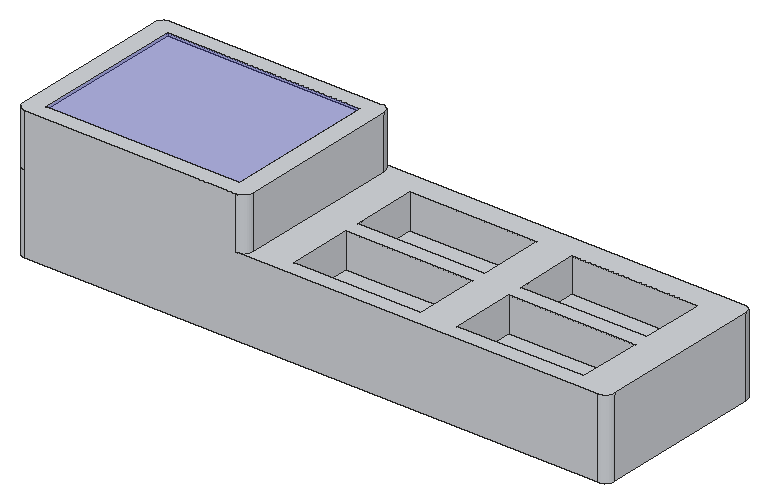
Revit family "Domotics-SerieCivili-GEWISS-27COMBIDIN_SYSTEM-IP40_8M_16SY", category Apparecchi elettrici, host Superficie, Revit 2016
Family settings
  Host = Superficie
  Mantenere orientamento annotazione = No
  Tipo di parte = Normale
  Quota connettore circolare = Usa diametro
  Taglio con vuoti quando caricato = No
  Condiviso = No
  Punto di calcolo locali = No
Parameters (values of type "GW27073 - Contenitore 8 mod. DIN + (4x4) mod. System")
  Viti coperchio = "Acciaio inox"
  Versione file RFA = "19.4"
  URL = "https://www.gewiss.com/it/it"
  Tipologia di contenitore = "GP"
  Tipo sfondabili = "Asportabili con utensile"
  Tipo portella = "Rigida"
  Termopressione con biglia = "70 °C"
  Tensione nominale: = "400 V ac"
  Tensione di isolamento = "750V"
  Temperatura di installazione = "-25 +60 °C"
  Scheda Tecnica = "https://www.gewiss.com/it/it/search?q=GW27073"
  SEO = "Contenitore"
  Resistenza agli urti = "IK07"
  Default Elevation = 1219.2 mm
  Profondità = 95 mm
  Produttore = "GEWISS S.p.A."
  Predisposizione scomparti = "2"
  Potenza dissipabile (W) = "18"
  Norma di riferimento: = "EN 60670-1 - EN 60670-24"
  Norma di riferimento = "EN 60669-2-1"
  N. moduli SYSTEM = "16"
  N. moduli DIN = "8"
  N. fori Ã˜ 23 sfondabili: = "Laterali 18 / Sul fondo 2"
  N. fori Ã˜ 23 sfondabili = "18"
  Modello = "GW27073"
  Larghezza = 429 mm
  Immagine tipo = GW27073.jpg
  IFC.TypeObject = ""
  IFC.ExportType = ""
  IFC.ExportAs = ""
  IDT = "6c31ff9f-37c3-42df-829d-006412dd97ed"
  IDF = "5fb17cb0-7a66-406c-ad17-01655aeb4927"
  Grado di protezione = "IP40"
  Glow Wire Test = "650°C"
  Dim. esterne BxHxP (mm) = "429x132x95"
  Descrizione = "CONTENITORE 8MOD.DIN+(4X4)MOD.SYSTEM PR."
  Creato da GEWISS S.p.A. = ""
  Corrente nominale (In) = "32A"
  Coppia serraggio viti = "0,8NM"
  Contatti di uscita = "1NA 16 A (AC1) 250 V ac"
  Configurazione = "Modulo 4 x 4"
  Colore portella = "Trasparente fume'"
  Colore = "Grigio RAL 7035"
  Codice Electrocod = "0212"
  Codice EAN = "8011564055469"
  Classe isolamento = "II"
  Catalogo Serie = "27COMBI"
  Catalogo = "DOMOTICS"
  Caratteristiche = "Halogen free"
  COBie.Tagnumber = ""
  COBie.CreatedOn = ""
  COBie.CreatebBy = ""
  COBie.ComponentRegisterItemID = ""
  COBie.Component.TagNumber = ""
  COBie.Component.Space = ""
  COBie.Component.SerialNumber = ""
  COBie.Component.InstallationDate = ""
  COBie.Component.Description = ""
  COBie.Component.BarCode = ""
  Altezza = 132 mm  # constant formula
Values of the unnamed type that differ from the named types
  Viti coperchio = ""
  Versione file RFA = ""
  Tipologia di contenitore = ""
  Tipo sfondabili = ""
  Tipo portella = ""
  Termopressione con biglia = ""
  Tensione nominale: = ""
  Tensione di isolamento = ""
  Temperatura di installazione = ""
  Scheda Tecnica = ""
  SEO = ""
  Resistenza agli urti = ""
  Predisposizione scomparti = ""
  Potenza dissipabile (W) = ""
  Norma di riferimento: = ""
  Norma di riferimento = ""
  N. moduli SYSTEM = ""
  N. moduli DIN = ""
  N. fori Ã˜ 23 sfondabili: = ""
  N. fori Ã˜ 23 sfondabili = ""
  IDT = ""
  IDF = ""
  Grado di protezione = ""
  Glow Wire Test = ""
  Dim. esterne BxHxP (mm) = ""
  Corrente nominale (In) = ""
  Coppia serraggio viti = ""
  Contatti di uscita = ""
  Configurazione = ""
  Colore portella = ""
  Colore = ""
  Codice Electrocod = ""
  Codice EAN = ""
  Classe isolamento = ""
  Catalogo Serie = ""
  Catalogo = ""
  Caratteristiche = ""
Reference planes
  plane 1 "Centro (Fronte/Retro)": y = 0
  plane 2: z = 0
  plane 3 "Centro (Sinistra/Destra)": x = 0
  plane 4 "Piano Allineamento Sportellino": z = 95
  plane 5: x = -2.56
  plane 6: z = 57.066
  plane 7: z = 32.066
  plane 8: z = 70
  plane 9: z = 93
  plane 10: x = 259.467
  plane 11: y = 66.019
  plane 12: y = -65.981
  plane 13: x = -169.533
  plane 14: x = -156.047
  plane 15: x = -155.047
  plane 16: x = -17.047
  plane 17: x = -16.047
  plane 18: y = 54.961
  plane 19: y = -53.961
  plane 20: y = -54.961
  plane 21: x = -16.047
  plane 22: x = -16.047
  plane 23: y = 53.961
  plane 24: x = 23.44
  plane 25: y = 2.72
  plane 26: y = -8.101
  plane 27: x = 115.44
  plane 28: x = 141.44
  plane 29: x = 233.44
Forms (mm)
  Extrusion 1, solid
    sketch origin (0, -451.03, 0) x (1, 0, 0) y (0, 1, 0)
      loop
        line (-9.56, 517.049) -> (-162.533, 517.049)
        arc (-162.533, 517.049) -> (-167.483, 514.999) -> (-169.533, 510.049) r 7
        line (-169.533, 510.049) -> (-169.533, 392.049)
        arc (-169.533, 392.049) -> (-167.483, 387.1) -> (-162.533, 385.049) r 7
        line (-162.533, 385.049) -> (-9.56, 385.049)
        arc (-9.56, 385.049) -> (-4.61, 387.1) -> (-2.56, 392.049) r 7
        line (-2.56, 392.049) -> (-2.56, 510.049)
        arc (-2.56, 510.049) -> (-4.61, 514.999) -> (-9.56, 517.049) r 7
    from 57.066 to 95
  Extrusion 2, solid
    sketch origin (0, 0, 0) x (1, 0, 0) y (0, 1, 0)
      loop
        line (-169.533, 59.019) -> (-169.533, -58.981)
        arc (-169.533, -58.981) -> (-167.483, -63.931) -> (-162.533, -65.981) r 7
        line (-162.533, -65.981) -> (252.467, -65.981)
        arc (252.467, -65.981) -> (257.417, -63.931) -> (259.467, -58.981) r 7
        line (259.467, -58.981) -> (259.467, 59.019)
        arc (259.467, 59.019) -> (257.417, 63.969) -> (252.467, 66.019) r 7
        line (252.467, 66.019) -> (-162.533, 66.019)
        arc (-162.533, 66.019) -> (-167.483, 63.969) -> (-169.533, 59.019) r 7
    from 0 to 57.066
  Extrusion 3, void
    sketch origin (4.989, -5.381, 0) x (1, 0, 0) y (0, 1, 0)
      loop
        line (110.451, -2.72) -> (18.451, -2.72) -> (18.451, -49.58) -> (110.451, -49.58) -> (110.451, -2.72)
    from 32.066 to 57.066
  Extrusion 4, void
    sketch origin (0, 0, 0) x (1, 0, 0) y (0, 1, 0)
      loop
        line (-155.047, 53.961) -> (-155.047, -53.961) -> (-17.047, -53.961) -> (-17.047, 53.961) -> (-155.047, 53.961)
    from 70 to 93
  Extrusion 5, void
    sketch origin (0, 0, 0) x (1, 0, 0) y (0, 1, 0)
      loop
        line (-16.047, 54.961) -> (-156.047, 54.961) -> (-156.047, -54.961) -> (-16.047, -54.961) -> (-16.047, 54.961)
    from 93 to 95
  Extrusion 6, solid, material "GEWISS Sportellino"
    sketch origin (0, 0, 0) x (1, 0, 0) y (0, 1, 0)
      loop
        line (-16.047, 54.961) -> (-156.047, 54.961) -> (-156.047, -54.961) -> (-16.047, -54.961) -> (-16.047, 54.961)
    from 93 to 95
  Extrusion 7, void
    sketch origin (154.989, -5.381, 0) x (1, 0, 0) y (0, 1, 0)
      loop
        line (78.278, -2.72) -> (-13.549, -2.72) -> (-13.549, -49.58) -> (78.278, -49.58) -> (78.278, -2.72)
    from 32.066 to 57.066
  Extrusion 8, void
    sketch origin (4.989, 52.299, 0) x (1, 0, 0) y (0, 1, 0)
      loop
        line (110.451, -2.72) -> (18.451, -2.72) -> (18.451, -49.58) -> (110.451, -49.58) -> (110.451, -2.72)
    from 32.066 to 57.066
  Extrusion 9, void
    sketch origin (154.989, 52.299, 0) x (1, 0, 0) y (0, 1, 0)
      loop
        line (78.278, -2.72) -> (-13.549, -2.72) -> (-13.549, -49.58) -> (78.278, -49.58) -> (78.278, -2.72)
    from 32.066 to 57.066
Cuts and joins
  Extrusion 5, Extrusion 7, Extrusion 8, Extrusion 9 cuts Extrusion 1
  Extrusion 3, Extrusion 4, Extrusion 7, Extrusion 8, Extrusion 9 cuts Extrusion 2
  joined: Extrusion 1, Extrusion 2
Lines and regions (mm)
  Filled region 1, type "GW27071Q.DXF-1", in view "Livello rif."
    outline origin (0, 0, 0) x (1, 0, 0) y (0, 1, 0)
      loop
        line (454.935, -29.653) -> (455.769, -34.653) -> (456.602, -29.653) -> (454.935, -29.653)
  Filled region 2, type "GW27071Q.DXF-1", in view "Livello rif."
    outline origin (0, 0, 0) x (1, 0, 0) y (0, 1, 0)
      loop
        line (454.935, 92.347) -> (456.602, 92.347) -> (455.769, 97.347) -> (454.935, 92.347)
  Filled region 3, type "GW27071Q.DXF-1", in view "Livello rif."
    outline origin (0, 0, 0) x (1, 0, 0) y (0, 1, 0)
      loop
        line (299.985, -59.146) -> (294.985, -59.979) -> (299.985, -60.812) -> (299.985, -59.146)
  Filled region 4, type "GW27071Q.DXF-1", in view "Livello rif."
    outline origin (0, 0, 0) x (1, 0, 0) y (0, 1, 0)
      loop
        line (421.985, -59.146) -> (421.985, -60.812) -> (426.985, -59.979) -> (421.985, -59.146)
  Filled region 5, type "GW27071Q.DXF-1", in view "Livello rif."
    outline origin (0, 0, 0) x (1, 0, 0) y (0, 1, 0)
      loop
        line (314.381, 113.489) -> (309.381, 112.656) -> (314.381, 111.823) -> (314.381, 113.489)
  Filled region 6, type "GW27071Q.DXF-1", in view "Livello rif."
    outline origin (0, 0, 0) x (1, 0, 0) y (0, 1, 0)
      loop
        line (339.381, 113.489) -> (339.381, 111.823) -> (344.381, 112.656) -> (339.381, 113.489)
  Filled region 7, type "GW27071Q.DXF-1", in view "Livello rif."
    outline origin (0, 0, 0) x (1, 0, 0) y (0, 1, 0)
      loop
        line (443.289, 75.924) -> (444.956, 75.924) -> (444.123, 80.924) -> (443.289, 75.924)
  Filled region 8, type "GW27071Q.DXF-1", in view "Livello rif."
    outline origin (0, 0, 0) x (1, 0, 0) y (0, 1, 0)
      loop
        line (443.289, -12.076) -> (444.123, -17.076) -> (444.956, -12.076) -> (443.289, -12.076)
  Filled region 9, type "GW27071Q.DXF-1", in view "Livello rif."
    outline origin (0, 0, 0) x (1, 0, 0) y (0, 1, 0)
      loop
        line (310.985, -49.734) -> (305.985, -50.567) -> (310.985, -51.4) -> (310.985, -49.734)
  Filled region 10, type "GW27071Q.DXF-1", in view "Livello rif."
    outline origin (0, 0, 0) x (1, 0, 0) y (0, 1, 0)
      loop
        line (410.985, -49.734) -> (410.985, -51.4) -> (415.985, -50.567) -> (410.985, -49.734)
  Filled region 11, type "GW27071Q.DXF-1", in view "Livello rif."
    outline origin (0, 0, 0) x (1, 0, 0) y (0, 1, 0)
      loop
        line (247.574, 133.277) -> (247.574, 131.611) -> (252.574, 132.444) -> (247.574, 133.277)
  Filled region 12, type "GW27071Q.DXF-1", in view "Livello rif."
    outline origin (0, 0, 0) x (1, 0, 0) y (0, 1, 0)
      loop
        line (34.505, 133.277) -> (29.505, 132.444) -> (34.505, 131.611) -> (34.505, 133.277)
  Filled region 13, type "GW27071Q.DXF-1", in view "Livello rif."
    outline origin (0, 0, 0) x (1, 0, 0) y (0, 1, 0)
      loop
        line (34.505, 116.721) -> (29.505, 115.888) -> (34.505, 115.054) -> (34.505, 116.721)
  Filled region 14, type "GW27071Q.DXF-1", in view "Livello rif."
    outline origin (0, 0, 0) x (1, 0, 0) y (0, 1, 0)
      loop
        line (54.505, 116.721) -> (54.505, 115.054) -> (59.505, 115.888) -> (54.505, 116.721)
  Filled region 15, type "GW27071Q.DXF-1", in view "Livello rif."
    outline origin (0, 0, 0) x (1, 0, 0) y (0, 1, 0)
      loop
        line (64.505, 116.721) -> (59.505, 115.888) -> (64.505, 115.054) -> (64.505, 116.721)
  Filled region 16, type "GW27071Q.DXF-1", in view "Livello rif."
    outline origin (0, 0, 0) x (1, 0, 0) y (0, 1, 0)
      loop
        line (247.574, 116.721) -> (247.574, 115.054) -> (252.574, 115.888) -> (247.574, 116.721)
  Filled region 17, type "GW27071Q.DXF-1", in view "Livello rif."
    outline origin (0, 0, 0) x (1, 0, 0) y (0, 1, 0)
      loop
        line (228.678, -62.533) -> (228.678, -64.2) -> (233.678, -63.366) -> (228.678, -62.533)
  Filled region 18, type "GW27071Q.DXF-1", in view "Livello rif."
    outline origin (0, 0, 0) x (1, 0, 0) y (0, 1, 0)
      loop
        line (35.009, -62.533) -> (30.009, -63.366) -> (35.009, -64.2) -> (35.009, -62.533)
  Filled region 19, type "GW27071Q.DXF-1", in view "Livello rif."
    outline origin (0, 0, 0) x (1, 0, 0) y (0, 1, 0)
      loop
        line (228.678, -45.003) -> (228.678, -46.67) -> (233.678, -45.836) -> (228.678, -45.003)
  Filled region 20, type "GW27071Q.DXF-1", in view "Livello rif."
    outline origin (0, 0, 0) x (1, 0, 0) y (0, 1, 0)
      loop
        line (59.209, -45.003) -> (54.209, -45.836) -> (59.209, -46.67) -> (59.209, -45.003)
  Filled region 21, type "GW27071Q.DXF-1", in view "Livello rif."
    outline origin (0, 0, 0) x (1, 0, 0) y (0, 1, 0)
      loop
        line (238.678, -44.823) -> (233.678, -45.656) -> (238.678, -46.49) -> (238.678, -44.823)
  Filled region 22, type "GW27071Q.DXF-1", in view "Livello rif."
    outline origin (0, 0, 0) x (1, 0, 0) y (0, 1, 0)
      loop
        line (246.278, -44.823) -> (246.278, -46.49) -> (251.278, -45.656) -> (246.278, -44.823)
  Filled region 23, type "GW27071Q.DXF-1", in view "Livello rif."
    outline origin (0, 0, 0) x (1, 0, 0) y (0, 1, 0)
      loop
        line (406.797, 109.74) -> (406.797, 108.073) -> (411.797, 108.907) -> (406.797, 109.74)
  Filled region 24, type "GW27071Q.DXF-1", in view "Livello rif."
    outline origin (0, 0, 0) x (1, 0, 0) y (0, 1, 0)
      loop
        line (370.797, 109.74) -> (365.797, 108.907) -> (370.797, 108.073) -> (370.797, 109.74)
  Filled region 25, type "GW27071Q.DXF-1", in view "Sinistra"
    outline origin (0, 0, 0) x (0, -1, 0) y (0, 0, 1)
      loop
        line (101.84, 5) -> (100.174, 5) -> (101.007, 0) -> (101.84, 5)
  Filled region 26, type "GW27071Q.DXF-1", in view "Sinistra"
    outline origin (0, 0, 0) x (0, -1, 0) y (0, 0, 1)
      loop
        line (101.84, 90) -> (101.007, 95) -> (100.174, 90) -> (101.84, 90)
  Filled region 27, type "GW27071Q.DXF-1", in view "Sinistra"
    outline origin (0, 0, 0) x (0, -1, 0) y (0, 0, 1)
      loop
        line (85.284, 90) -> (84.451, 95) -> (83.617, 90) -> (85.284, 90)
  Filled region 28, type "GW27071Q.DXF-1", in view "Sinistra"
    outline origin (0, 0, 0) x (0, -1, 0) y (0, 0, 1)
      loop
        line (85.284, 70) -> (83.617, 70) -> (84.451, 65) -> (85.284, 70)
  Filled region 29, type "GW27071Q.DXF-1", in view "Sinistra"
    outline origin (0, 0, 0) x (0, -1, 0) y (0, 0, 1)
      loop
        line (85.284, 60) -> (84.451, 65) -> (83.617, 60) -> (85.284, 60)
  Filled region 30, type "GW27071Q.DXF-1", in view "Sinistra"
    outline origin (0, 0, 0) x (0, -1, 0) y (0, 0, 1)
      loop
        line (85.284, 5) -> (83.617, 5) -> (84.451, 0) -> (85.284, 5)
  Filled region 31, type "GW27071Q.DXF-1", in view "Sinistra"
    outline origin (0, 0, 0) x (0, -1, 0) y (0, 0, 1)
      loop
        line (-93.97, 23.896) -> (-95.637, 23.896) -> (-94.803, 18.896) -> (-93.97, 23.896)
  Filled region 32, type "GW27071Q.DXF-1", in view "Sinistra"
    outline origin (0, 0, 0) x (0, -1, 0) y (0, 0, 1)
      loop
        line (-93.97, 89.496) -> (-94.803, 94.496) -> (-95.637, 89.496) -> (-93.97, 89.496)
  Filled region 33, type "GW27071Q.DXF-1", in view "Sinistra"
    outline origin (0, 0, 0) x (0, -1, 0) y (0, 0, 1)
      loop
        line (-76.44, 23.896) -> (-78.107, 23.896) -> (-77.273, 18.896) -> (-76.44, 23.896)
  Filled region 34, type "GW27071Q.DXF-1", in view "Sinistra"
    outline origin (0, 0, 0) x (0, -1, 0) y (0, 0, 1)
      loop
        line (-76.44, 65.296) -> (-77.273, 70.296) -> (-78.107, 65.296) -> (-76.44, 65.296)
  Filled region 35, type "GW27071Q.DXF-1", in view "Sinistra"
    outline origin (0, 0, 0) x (0, -1, 0) y (0, 0, 1)
      loop
        line (-76.26, 58.896) -> (-77.927, 58.896) -> (-77.093, 18.896) -> (-76.26, 58.896)
  Filled region 36, type "GW27071Q.DXF-1", in view "Sinistra"
    outline origin (0, 0, 0) x (0, -1, 0) y (0, 0, 1)
      loop
        line (-76.26, 51.296) -> (-77.927, 51.296) -> (-77.093, 1.296) -> (-76.26, 51.296)
  Filled region 37, type "GW27071Q.DXF-1", in view "Sinistra", not visible
    outline origin (0, 0, 0) x (0, -1, 0) y (0, 0, 1)
      loop
        line (295.687, 963.746) -> (295.687, 962.08) -> (300.687, 962.913) -> (295.687, 963.746)
  Filled region 38, type "GW27071Q.DXF-1", in view "Sinistra", not visible
    outline origin (0, 0, 0) x (0, -1, 0) y (0, 0, 1)
      loop
        line (210.687, 963.746) -> (205.687, 962.913) -> (210.687, 962.08) -> (210.687, 963.746)
  Filled region 39, type "GW27071Q.DXF-1", in view "Sinistra", not visible
    outline origin (0, 0, 0) x (0, -1, 0) y (0, 0, 1)
      loop
        line (210.687, 947.19) -> (205.687, 946.356) -> (210.687, 945.523) -> (210.687, 947.19)
  Filled region 40, type "GW27071Q.DXF-1", in view "Sinistra", not visible
    outline origin (0, 0, 0) x (0, -1, 0) y (0, 0, 1)
      loop
        line (230.687, 947.19) -> (230.687, 945.523) -> (235.687, 946.356) -> (230.687, 947.19)
  Filled region 41, type "GW27071Q.DXF-1", in view "Sinistra", not visible
    outline origin (0, 0, 0) x (0, -1, 0) y (0, 0, 1)
      loop
        line (240.687, 947.19) -> (235.687, 946.356) -> (240.687, 945.523) -> (240.687, 947.19)
  Filled region 42, type "GW27071Q.DXF-1", in view "Sinistra", not visible
    outline origin (0, 0, 0) x (0, -1, 0) y (0, 0, 1)
      loop
        line (295.687, 947.19) -> (295.687, 945.523) -> (300.687, 946.356) -> (295.687, 947.19)
  Filled region 43, type "GW27071Q.DXF-1", in view "Sinistra", not visible
    outline origin (0, 0, 0) x (0, -1, 0) y (0, 0, 1)
      loop
        line (276.791, 767.936) -> (276.791, 766.269) -> (281.791, 767.103) -> (276.791, 767.936)
  Filled region 44, type "GW27071Q.DXF-1", in view "Sinistra", not visible
    outline origin (0, 0, 0) x (0, -1, 0) y (0, 0, 1)
      loop
        line (211.191, 767.936) -> (206.191, 767.103) -> (211.191, 766.269) -> (211.191, 767.936)
  Filled region 45, type "GW27071Q.DXF-1", in view "Sinistra", not visible
    outline origin (0, 0, 0) x (0, -1, 0) y (0, 0, 1)
      loop
        line (276.791, 785.466) -> (276.791, 783.799) -> (281.791, 784.632) -> (276.791, 785.466)
  Filled region 46, type "GW27071Q.DXF-1", in view "Sinistra", not visible
    outline origin (0, 0, 0) x (0, -1, 0) y (0, 0, 1)
      loop
        line (235.391, 785.466) -> (230.391, 784.632) -> (235.391, 783.799) -> (235.391, 785.466)
  Filled region 47, type "GW27071Q.DXF-1", in view "Sinistra", not visible
    outline origin (0, 0, 0) x (0, -1, 0) y (0, 0, 1)
      loop
        line (286.791, 785.646) -> (281.791, 784.812) -> (286.791, 783.979) -> (286.791, 785.646)
  Filled region 48, type "GW27071Q.DXF-1", in view "Sinistra", not visible
    outline origin (0, 0, 0) x (0, -1, 0) y (0, 0, 1)
      loop
        line (294.391, 785.646) -> (294.391, 783.979) -> (299.391, 784.812) -> (294.391, 785.646)
  model lines, not visible
    curve 1: arc (276.741, -20.994, 0) -> (277.939, -18.365, 0) -> (277.918, -15.476, 0) r 6.7
    curve 2: arc (264.087, -16.92, 0) -> (264.693, -19.757, 0) -> (266.434, -22.078, 0) r 6.754
    curve 3: arc (268.608, -16.92, 0) -> (269.839, -19.067, 0) -> (272.314, -19.095, 0) r 2.493
    curve 4: arc (268.969, -24.605, 0) -> (271.825, -24.886, 0) -> (274.574, -24.062, 0) r 7.427
    curve 5: arc (276.741, -12.853, 0) -> (274.6, -10.93, 0) -> (271.859, -10.052, 0) r 6.874
    curve 6: arc (268.969, -10.326, 0) -> (266.449, -11.778, 0) -> (264.721, -14.118, 0) r 7.102
    curve 7: arc (273.578, -16.92, 0) -> (272.344, -14.78, 0) -> (269.874, -14.755, 0) r 2.491
    curve 8: arc (268.969, -24.605, 0) -> (271.82, -24.986, 0) -> (274.546, -24.065, 0) r 6.329
    curve 9: arc (272.314, 81.969, 0) -> (269.839, 81.941, 0) -> (268.608, 79.794, 0) r 2.493
    curve 10: arc (274.574, 86.936, 0) -> (271.825, 87.76, 0) -> (268.969, 87.479, 0) r 7.427
    curve 11: arc (274.546, 86.939, 0) -> (271.82, 87.86, 0) -> (268.969, 87.479, 0) r 6.329
    curve 12: arc (266.434, 84.952, 0) -> (264.693, 82.631, 0) -> (264.087, 79.794, 0) r 6.754
    curve 13: arc (264.721, 76.992, 0) -> (266.449, 74.652, 0) -> (268.969, 73.2, 0) r 7.102
    curve 14: arc (277.918, 78.35, 0) -> (277.939, 81.239, 0) -> (276.741, 83.868, 0) r 6.7
    curve 15: arc (269.874, 77.629, 0) -> (272.344, 77.654, 0) -> (273.578, 79.794, 0) r 2.491
    curve 16: arc (271.859, 72.926, 0) -> (274.6, 73.804, 0) -> (276.741, 75.727, 0) r 6.874
    curve 17: arc (159.373, -19.095, 0) -> (161.848, -19.067, 0) -> (163.079, -16.92, 0) r 2.493
    curve 18: arc (157.113, -24.062, 0) -> (159.862, -24.886, 0) -> (162.719, -24.605, 0) r 7.427
    curve 19: arc (157.142, -24.065, 0) -> (159.867, -24.986, 0) -> (162.719, -24.605, 0) r 6.329
    curve 20: arc (165.253, -22.078, 0) -> (166.994, -19.757, 0) -> (167.601, -16.92, 0) r 6.754
    curve 21: arc (166.966, -14.118, 0) -> (165.239, -11.778, 0) -> (162.719, -10.326, 0) r 7.102
    curve 22: arc (153.769, -15.476, 0) -> (153.748, -18.365, 0) -> (154.946, -20.994, 0) r 6.7
    curve 23: arc (161.813, -14.755, 0) -> (159.343, -14.78, 0) -> (158.11, -16.92, 0) r 2.491
    curve 24: arc (159.828, -10.052, 0) -> (157.087, -10.93, 0) -> (154.946, -12.853, 0) r 6.874
    curve 25: arc (154.946, 75.727, 0) -> (157.087, 73.804, 0) -> (159.828, 72.926, 0) r 6.874
    curve 26: arc (162.719, 73.2, 0) -> (165.239, 74.652, 0) -> (166.966, 76.992, 0) r 7.102
    curve 27: arc (162.719, 87.479, 0) -> (159.867, 87.86, 0) -> (157.142, 86.939, 0) r 6.329
    curve 28: arc (162.719, 87.479, 0) -> (159.862, 87.76, 0) -> (157.113, 86.936, 0) r 7.427
    curve 29: arc (163.079, 79.794, 0) -> (161.848, 81.941, 0) -> (159.373, 81.969, 0) r 2.493
    curve 30: arc (167.601, 79.794, 0) -> (166.994, 82.631, 0) -> (165.253, 84.952, 0) r 6.754
    curve 31: arc (158.11, 79.794, 0) -> (159.343, 77.654, 0) -> (161.813, 77.629, 0) r 2.491
    curve 32: arc (154.946, 83.868, 0) -> (153.748, 81.239, 0) -> (153.769, 78.35, 0) r 6.7
    curve 33: line (266.434, -22.078, 0) -> (264.087, -16.92, 0)
    curve 34: line (277.918, -15.476, 0) -> (276.741, -20.994, 0)
    curve 35: line (272.314, -19.095, 0) -> (268.608, -16.92, 0)
    curve 36: line (274.574, -24.062, 0) -> (268.969, -24.605, 0)
    curve 37: line (271.859, -10.052, 0) -> (276.741, -12.853, 0)
    curve 38: line (264.721, -14.118, 0) -> (268.969, -10.326, 0)
    curve 39: line (269.874, -14.755, 0) -> (273.578, -16.92, 0)
    curve 40: line (272.314, 81.969, 0) -> (268.608, 79.794, 0)
    curve 41: line (274.574, 86.936, 0) -> (268.969, 87.479, 0)
    curve 42: line (266.434, 84.952, 0) -> (264.087, 79.794, 0)
    curve 43: line (264.721, 76.992, 0) -> (268.969, 73.2, 0)
    curve 44: line (277.918, 78.35, 0) -> (276.741, 83.868, 0)
    curve 45: line (269.874, 77.629, 0) -> (273.578, 79.794, 0)
    curve 46: line (271.859, 72.926, 0) -> (276.741, 75.727, 0)
    curve 47: line (159.373, -19.095, 0) -> (163.079, -16.92, 0)
    curve 48: line (157.113, -24.062, 0) -> (162.719, -24.605, 0)
    curve 49: line (165.253, -22.078, 0) -> (167.601, -16.92, 0)
    curve 50: line (166.966, -14.118, 0) -> (162.719, -10.326, 0)
    curve 51: line (153.769, -15.476, 0) -> (154.946, -20.994, 0)
    curve 52: line (161.813, -14.755, 0) -> (158.11, -16.92, 0)
    curve 53: line (159.828, -10.052, 0) -> (154.946, -12.853, 0)
    curve 54: line (159.828, 72.926, 0) -> (154.946, 75.727, 0)
    curve 55: line (166.966, 76.992, 0) -> (162.719, 73.2, 0)
    curve 56: line (157.142, 86.939, 0) -> (162.719, 87.479, 0)
    curve 57: line (159.373, 81.969, 0) -> (163.079, 79.794, 0)
    curve 58: line (165.253, 84.952, 0) -> (167.601, 79.794, 0)
    curve 59: line (161.813, 77.629, 0) -> (158.11, 79.794, 0)
    curve 60: line (153.769, 78.35, 0) -> (154.946, 83.868, 0)
    curve 61: line (202.275, 95.384, 0) -> (202.275, 85.351, 0)
    curve 62: line (207.021, 90.368, 0) -> (197.53, 90.368, 0)
    curve 63: line (202.275, -32.51, 0) -> (202.275, -22.477, 0)
    curve 64: line (207.021, -27.493, 0) -> (197.53, -27.493, 0)
    curve 65: line (275.615, -32.51, 0) -> (275.615, -22.477, 0)
    curve 66: line (280.356, -27.498, 0) -> (270.845, -27.498, 0)
    curve 67: line (275.615, 95.384, 0) -> (275.615, 85.351, 0)
    curve 68: line (280.356, 90.372, 0) -> (270.865, 90.372, 0)
    curve 69: line (156.072, -32.51, 0) -> (156.072, -22.477, 0)
    curve 70: line (151.331, -27.498, 0) -> (160.845, -27.498, 0)
    curve 71: line (156.072, 95.384, 0) -> (156.072, 85.351, 0)
    curve 72: line (151.331, 90.372, 0) -> (160.822, 90.372, 0)
    curve 73: line (289.744, 31.437, 0) -> (142.831, 31.437, 0)
    curve 74: arc (156.804, 97.456, 0) -> (151.809, 95.377, 0) -> (149.765, 90.368, 0) r 7.039
    curve 75: arc (195.602, -22.524, 0) -> (181.766, -8.688, 0) -> (167.931, -22.524, 0) r 13.836
    curve 76: arc (196.241, -22.524, 0) -> (198.363, -21.645, 0) -> (199.241, -19.524, 0) r 3
    curve 77: arc (199.241, 82.398, 0) -> (198.363, 84.519, 0) -> (196.241, 85.398, 0) r 3
    curve 78: circle (202.275, 90.368, 0) r 2.983 normal (0, 0, 1)
    curve 79: circle (202.275, -27.493, 0) r 2.983 normal (0, 0, 1)
    curve 80: arc (213.717, 90.368, 0) -> (211.673, 95.377, 0) -> (206.678, 97.456, 0) r 7.039
    curve 81: arc (149.765, -27.493, 0) -> (151.559, -32.237, 0) -> (156.075, -34.544, 0) r 7.039
    curve 82: arc (206.678, -34.582, 0) -> (211.673, -32.503, 0) -> (213.717, -27.493, 0) r 7.039
    curve 83: arc (281.922, 90.368, 0) -> (279.878, 95.377, 0) -> (274.883, 97.456, 0) r 7.039
    curve 84: arc (274.883, -34.582, 0) -> (279.878, -32.503, 0) -> (281.922, -27.493, 0) r 7.039
    curve 85: arc (222.657, 27.687, 0) -> (221.243, 27.101, 0) -> (220.657, 25.687, 0) r 2
    curve 86: arc (266.657, 25.687, 0) -> (266.072, 27.101, 0) -> (264.657, 27.687, 0) r 2
    curve 87: arc (266.657, 22.687, 0) -> (266.072, 24.101, 0) -> (264.657, 24.687, 0) r 2
    curve 88: arc (264.657, -20.313, 0) -> (266.072, -19.727, 0) -> (266.657, -18.313, 0) r 2
    curve 89: arc (220.657, -18.313, 0) -> (221.243, -19.727, 0) -> (222.657, -20.313, 0) r 2
    curve 90: arc (244.109, -18.327, 0) -> (244.648, -19.498, 0) -> (245.647, -20.313, 0) r 2.858
    curve 91: arc (241.574, -20.313, 0) -> (242.573, -19.498, 0) -> (243.112, -18.327, 0) r 2.858
    curve 92: arc (222.657, 24.687, 0) -> (221.243, 24.101, 0) -> (220.657, 22.687, 0) r 2
    curve 93: arc (243.112, 22.701, 0) -> (242.573, 23.872, 0) -> (241.574, 24.687, 0) r 2.858
    curve 94: arc (245.647, 24.687, 0) -> (244.648, 23.872, 0) -> (244.109, 22.701, 0) r 2.858
    curve 95: arc (220.657, 37.187, 0) -> (221.243, 35.773, 0) -> (222.657, 35.187, 0) r 2
    curve 96: arc (222.657, 80.187, 0) -> (221.243, 79.601, 0) -> (220.657, 78.187, 0) r 2
    curve 97: arc (222.657, 83.187, 0) -> (221.243, 82.601, 0) -> (220.657, 81.187, 0) r 2
    curve 98: circle (275.611, -27.498, 0) r 2.983 normal (0, 0, 1)
    curve 99: circle (275.611, 90.372, 0) r 2.983 normal (0, 0, 1)
    curve 100: arc (241.574, 35.187, 0) -> (242.573, 36.002, 0) -> (243.112, 37.173, 0) r 2.858
    curve 101: arc (244.109, 37.173, 0) -> (244.648, 36.002, 0) -> (245.647, 35.187, 0) r 2.858
    curve 102: arc (245.647, 80.187, 0) -> (244.648, 79.372, 0) -> (244.109, 78.201, 0) r 2.858
    curve 103: arc (243.112, 78.201, 0) -> (242.573, 79.372, 0) -> (241.574, 80.187, 0) r 2.858
    curve 104: arc (264.657, 35.187, 0) -> (266.072, 35.773, 0) -> (266.657, 37.187, 0) r 2
    curve 105: arc (266.657, 78.187, 0) -> (266.072, 79.601, 0) -> (264.657, 80.187, 0) r 2
    curve 106: arc (266.657, 81.187, 0) -> (266.072, 82.601, 0) -> (264.657, 83.187, 0) r 2
    curve 107: circle (156.077, -27.498, 0) r 2.983 normal (0, 0, 1)
    curve 108: arc (164.241, -19.524, 0) -> (165.12, -21.645, 0) -> (167.241, -22.524, 0) r 3
    curve 109: circle (156.077, 90.372, 0) r 2.983 normal (0, 0, 1)
    curve 110: arc (167.241, 85.398, 0) -> (165.12, 84.519, 0) -> (164.241, 82.398, 0) r 3
    curve 111: line (281.845, -27.493, 0) -> (281.845, 90.368, 0)
    curve 112: line (275.613, -34.544, 0) -> (156.075, -34.544, 0)
    curve 113: line (149.755, 90.368, 0) -> (149.755, -27.493, 0)
    curve 114: line (213.728, 90.368, 0) -> (213.728, -27.493, 0)
    curve 115: line (196.241, -22.524, 0) -> (167.241, -22.524, 0)
    curve 116: line (167.241, 85.398, 0) -> (196.241, 85.398, 0)
    curve 117: line (164.241, -19.524, 0) -> (164.241, 82.398, 0)
    curve 118: line (188.195, -2.552, 0) -> (193.792, -2.552, 0)
    curve 119: line (188.195, 8.478, 0) -> (193.792, 8.478, 0)
    curve 120: line (199.241, -19.524, 0) -> (199.241, 82.398, 0)
    curve 121: line (164.241, 65.427, 0) -> (199.241, 65.427, 0)
    curve 122: line (164.241, 54.396, 0) -> (199.241, 54.396, 0)
    curve 123: line (164.241, 8.478, 0) -> (199.241, 8.478, 0)
    curve 124: line (164.241, -2.552, 0) -> (199.241, -2.552, 0)
    curve 125: line (164.241, -15.562, 0) -> (199.241, -15.562, 0)
    curve 126: line (200.141, 92.451, 0) -> (204.41, 88.284, 0)
    curve 127: line (200.141, -29.577, 0) -> (204.41, -25.41, 0)
    curve 128: line (274.883, 97.456, 0) -> (156.804, 97.456, 0)
    curve 129: line (220.657, -18.313, 0) -> (220.657, 24.687, 0)
    curve 130: line (220.657, 24.687, 0) -> (220.657, 25.687, 0)
    curve 131: line (266.657, 25.687, 0) -> (266.657, -18.313, 0)
    curve 132: line (225.668, -20.313, 0) -> (225.668, -18.327, 0)
    curve 133: line (225.668, -18.327, 0) -> (239.681, -18.327, 0)
    curve 134: line (239.681, -18.327, 0) -> (239.681, -20.313, 0)
    curve 135: line (264.657, -20.313, 0) -> (222.657, -20.313, 0)
    curve 136: line (247.634, -20.313, 0) -> (247.634, -18.327, 0)
    curve 137: line (247.634, -18.327, 0) -> (261.647, -18.327, 0)
    curve 138: line (261.647, -18.327, 0) -> (261.647, -20.313, 0)
    curve 139: line (243.112, -18.327, 0) -> (244.109, -18.327, 0)
    curve 140: line (244.109, -18.327, 0) -> (243.112, -18.327, 0)
    curve 141: line (225.668, 24.687, 0) -> (225.668, 22.701, 0)
    curve 142: line (225.668, 22.701, 0) -> (239.681, 22.701, 0)
    curve 143: line (239.681, 22.701, 0) -> (239.681, 24.687, 0)
    curve 144: line (222.657, 24.687, 0) -> (264.657, 24.687, 0)
    curve 145: line (247.634, 24.687, 0) -> (247.634, 22.701, 0)
    curve 146: line (247.634, 22.701, 0) -> (261.647, 22.701, 0)
    curve 147: line (261.647, 22.701, 0) -> (261.647, 24.687, 0)
    curve 148: line (243.112, 22.701, 0) -> (244.109, 22.701, 0)
    curve 149: line (244.109, 22.701, 0) -> (243.112, 22.701, 0)
    curve 150: line (220.657, 37.187, 0) -> (220.657, 80.187, 0)
    curve 151: line (220.657, 80.187, 0) -> (220.657, 81.187, 0)
    curve 152: line (222.657, 27.687, 0) -> (264.657, 27.687, 0)
    curve 153: line (222.657, 35.187, 0) -> (264.657, 35.187, 0)
    curve 154: line (264.657, 35.187, 0) -> (222.657, 35.187, 0)
    curve 155: line (264.657, 80.187, 0) -> (222.657, 80.187, 0)
    curve 156: line (222.657, 80.187, 0) -> (264.657, 80.187, 0)
    curve 157: line (273.476, -29.582, 0) -> (277.745, -25.414, 0)
    curve 158: line (273.476, 92.456, 0) -> (277.745, 88.288, 0)
    curve 159: line (247.634, 80.187, 0) -> (247.634, 78.201, 0)
    curve 160: line (247.634, 78.201, 0) -> (261.647, 78.201, 0)
    curve 161: line (261.647, 78.201, 0) -> (261.647, 80.187, 0)
    curve 162: line (222.657, 83.187, 0) -> (264.657, 83.187, 0)
    curve 163: line (247.634, 35.187, 0) -> (247.634, 37.173, 0)
    curve 164: line (247.634, 37.173, 0) -> (261.647, 37.173, 0)
    curve 165: line (261.647, 37.173, 0) -> (261.647, 35.187, 0)
    curve 166: line (225.668, 35.187, 0) -> (225.668, 37.173, 0)
    curve 167: line (225.668, 37.173, 0) -> (239.681, 37.173, 0)
    curve 168: line (239.681, 37.173, 0) -> (239.681, 35.187, 0)
    curve 169: line (244.109, 37.173, 0) -> (243.112, 37.173, 0)
    curve 170: line (243.112, 37.173, 0) -> (244.109, 37.173, 0)
    curve 171: line (225.668, 80.187, 0) -> (225.668, 78.201, 0)
    curve 172: line (225.668, 78.201, 0) -> (239.681, 78.201, 0)
    curve 173: line (239.681, 78.201, 0) -> (239.681, 80.187, 0)
    curve 174: line (244.109, 78.201, 0) -> (243.112, 78.201, 0)
    curve 175: line (243.112, 78.201, 0) -> (244.109, 78.201, 0)
    curve 176: line (266.657, 81.187, 0) -> (266.657, 37.187, 0)
    curve 177: line (158.211, -29.582, 0) -> (153.942, -25.414, 0)
    curve 178: line (158.211, 92.456, 0) -> (153.942, 88.288, 0)
    curve 179: line (283.203, -34.653, 0) -> (311.879, -34.653, 0)
    curve 180: line (283.203, 97.347, 0) -> (311.879, 97.347, 0)
    curve 181: line (310.629, -29.653, 0) -> (310.629, 92.347, 0)
    curve 182: line (309.796, -29.653, 0) -> (311.463, -29.653, 0)
    curve 183: line (311.463, -29.653, 0) -> (310.629, -34.653, 0)
    curve 184: line (310.629, -34.653, 0) -> (309.796, -29.653, 0)
    curve 185: line (309.796, 92.347, 0) -> (311.463, 92.347, 0)
    curve 186: line (311.463, 92.347, 0) -> (310.629, 97.347, 0)
    curve 187: line (310.629, 97.347, 0) -> (309.796, 92.347, 0)
    curve 188: line (149.845, -38.932, 0) -> (149.845, -61.229, 0)
    curve 189: line (281.845, -38.932, 0) -> (281.845, -61.229, 0)
    curve 190: line (154.845, -59.979, 0) -> (276.845, -59.979, 0)
    curve 191: line (154.845, -59.146, 0) -> (154.845, -60.812, 0)
    curve 192: line (154.845, -60.812, 0) -> (149.845, -59.979, 0)
    curve 193: line (149.845, -59.979, 0) -> (154.845, -59.146, 0)
    curve 194: line (276.845, -59.146, 0) -> (276.845, -60.812, 0)
    curve 195: line (276.845, -60.812, 0) -> (281.845, -59.979, 0)
    curve 196: line (281.845, -59.979, 0) -> (276.845, -59.146, 0)
    curve 197: line (164.241, 91.052, 0) -> (164.241, 113.906, 0)
    curve 198: line (199.241, 91.052, 0) -> (199.241, 113.906, 0)
    curve 199: line (169.241, 112.656, 0) -> (194.241, 112.656, 0)
    curve 200: line (169.241, 113.489, 0) -> (169.241, 111.823, 0)
    curve 201: line (169.241, 111.823, 0) -> (164.241, 112.656, 0)
    curve 202: line (164.241, 112.656, 0) -> (169.241, 113.489, 0)
    curve 203: line (194.241, 113.489, 0) -> (194.241, 111.823, 0)
    curve 204: line (194.241, 111.823, 0) -> (199.241, 112.656, 0)
    curve 205: line (199.241, 112.656, 0) -> (194.241, 113.489, 0)
    curve 206: line (271.876, 80.924, 0) -> (300.233, 80.924, 0)
    curve 207: line (271.876, -17.076, 0) -> (300.233, -17.076, 0)
    curve 208: line (298.983, 75.924, 0) -> (298.983, -12.076, 0)
    curve 209: line (298.15, 75.924, 0) -> (299.817, 75.924, 0)
    curve 210: line (299.817, 75.924, 0) -> (298.983, 80.924, 0)
    curve 211: line (298.983, 80.924, 0) -> (298.15, 75.924, 0)
    curve 212: line (298.15, -12.076, 0) -> (299.817, -12.076, 0)
    curve 213: line (299.817, -12.076, 0) -> (298.983, -17.076, 0)
    curve 214: line (298.983, -17.076, 0) -> (298.15, -12.076, 0)
    curve 215: line (160.845, -18.231, 0) -> (160.845, -51.817, 0)
    curve 216: line (270.845, -18.233, 0) -> (270.845, -51.817, 0)
    curve 217: line (165.845, -50.567, 0) -> (265.845, -50.567, 0)
    curve 218: line (165.845, -49.734, 0) -> (165.845, -51.4, 0)
    curve 219: line (165.845, -51.4, 0) -> (160.845, -50.567, 0)
    curve 220: line (160.845, -50.567, 0) -> (165.845, -49.734, 0)
    curve 221: line (265.845, -49.734, 0) -> (265.845, -51.4, 0)
    curve 222: line (265.845, -51.4, 0) -> (270.845, -50.567, 0)
    curve 223: line (270.845, -50.567, 0) -> (265.845, -49.734, 0)
    curve 224: line (266.657, 86.812, 0) -> (266.657, 110.157, 0)
    curve 225: line (220.657, 86.812, 0) -> (220.657, 110.157, 0)
    curve 226: line (261.657, 108.907, 0) -> (225.657, 108.907, 0)
    curve 227: line (261.657, 109.74, 0) -> (261.657, 108.073, 0)
    curve 228: line (261.657, 108.073, 0) -> (266.657, 108.907, 0)
    curve 229: line (266.657, 108.907, 0) -> (261.657, 109.74, 0)
    curve 230: line (225.657, 109.74, 0) -> (225.657, 108.073, 0)
    curve 231: line (225.657, 108.073, 0) -> (220.657, 108.907, 0)
    curve 232: line (220.657, 108.907, 0) -> (225.657, 109.74, 0)
    curve 233: line (0, -311.602, 861.906) -> (0, -192.401, 861.906)
    curve 234: arc (0, -205.683, 811.925) -> (0, -207.775, 803.307) -> (0, -214.276, 797.275) r 15.387
    curve 235: circle (0, -283.557, 889.656) r 10.896 normal (-1, 0, 0)
    curve 236: circle (0, -283.574, 833.883) r 10.896 normal (-1, 0, 0)
    curve 237: arc (0, -281.791, 877.377) -> (0, -282.669, 875.256) -> (0, -284.791, 874.377) r 3
    curve 238: arc (0, -290.474, 871.377) -> (0, -289.595, 873.499) -> (0, -287.474, 874.377) r 3
    curve 239: arc (0, -287.474, 849.434) -> (0, -289.595, 850.313) -> (0, -290.474, 852.434) r 3
    curve 240: arc (0, -284.791, 849.434) -> (0, -282.669, 848.555) -> (0, -281.791, 846.434) r 3
    curve 241: line (0, -299.423, 798.454) -> (0, -299.236, 797.549)
    curve 242: line (0, -299.236, 797.549) -> (0, -298.694, 796.735)
    curve 243: line (0, -298.694, 796.735) -> (0, -297.885, 796.192)
    curve 244: line (0, -297.885, 796.192) -> (0, -296.888, 796.011)
    curve 245: line (0, -296.888, 796.011) -> (0, -266.7, 796.467)
    curve 246: line (0, -266.7, 796.467) -> (0, -266.7, 927.345)
    curve 247: line (0, -266.7, 927.345) -> (0, -296.888, 927.801)
    curve 248: line (0, -296.888, 927.801) -> (0, -297.885, 927.619)
    curve 249: line (0, -297.885, 927.619) -> (0, -298.694, 927.076)
    curve 250: line (0, -298.694, 927.076) -> (0, -299.236, 926.263)
    curve 251: line (0, -299.236, 926.263) -> (0, -299.423, 925.272)
    curve 252: line (0, -299.423, 925.272) -> (0, -299.423, 798.454)
    curve 253: line (0, -285.497, 917.311) -> (0, -299.423, 917.311)
    curve 254: line (0, -299.423, 917.311) -> (0, -300.687, 917.311)
    curve 255: line (0, -300.687, 917.311) -> (0, -300.687, 806.406)
    curve 256: line (0, -300.687, 806.406) -> (0, -299.423, 806.406)
    curve 257: line (0, -299.423, 806.406) -> (0, -285.497, 806.406)
    curve 258: line (0, -236.234, 905.567) -> (0, -235.692, 898.061)
    curve 259: line (0, -235.692, 898.061) -> (0, -235.692, 861.906)
    curve 260: line (0, -235.692, 861.906) -> (0, -235.692, 825.75)
    curve 261: line (0, -235.692, 825.75) -> (0, -235.692, 861.906)
    curve 262: line (0, -266.7, 927.345) -> (0, -214.276, 926.443)
    curve 263: line (0, -214.276, 926.443) -> (0, -213.372, 926.354)
    curve 264: line (0, -213.372, 926.354) -> (0, -214.276, 926.443)
    curve 265: line (0, -266.7, 903.847) -> (0, -299.423, 903.847)
    curve 266: line (0, -299.423, 875.916) -> (0, -266.7, 875.916)
    curve 267: line (0, -285.497, 903.847) -> (0, -285.497, 927.629)
    curve 268: line (0, -299.423, 905.379) -> (0, -285.497, 905.379)
    curve 269: line (0, -285.497, 908.363) -> (0, -299.423, 908.363)
    curve 270: line (0, -299.423, 911.345) -> (0, -285.497, 911.345)
    curve 271: line (0, -285.497, 914.329) -> (0, -299.423, 914.329)
    curve 272: line (0, -285.497, 920.389) -> (0, -299.423, 920.389)
    curve 273: line (0, -299.423, 923.372) -> (0, -285.497, 923.372)
    curve 274: line (0, -285.497, 926.354) -> (0, -299.236, 926.354)
    curve 275: line (0, -299.236, 797.463) -> (0, -285.497, 797.463)
    curve 276: line (0, -285.497, 800.446) -> (0, -299.423, 800.446)
    curve 277: line (0, -299.423, 803.423) -> (0, -285.497, 803.423)
    curve 278: line (0, -299.423, 809.483) -> (0, -285.497, 809.483)
    curve 279: line (0, -285.497, 812.466) -> (0, -299.423, 812.466)
    curve 280: line (0, -299.423, 815.449) -> (0, -285.497, 815.449)
    curve 281: line (0, -285.497, 818.432) -> (0, -299.423, 818.432)
    curve 282: line (0, -285.497, 819.965) -> (0, -285.497, 796.183)
    curve 283: line (0, -266.7, 847.896) -> (0, -299.423, 847.896)
    curve 284: line (0, -299.423, 819.965) -> (0, -266.7, 819.965)
    curve 285: line (0, -266.7, 921.833) -> (0, -285.497, 921.833)
    curve 286: line (0, -285.497, 801.979) -> (0, -266.7, 801.979)
    curve 287: line (0, -285.497, 847.896) -> (0, -285.497, 875.916)
    curve 288: line (0, -285.497, 852.866) -> (0, -299.423, 852.866)
    curve 289: line (0, -299.423, 855.942) -> (0, -285.497, 855.942)
    curve 290: line (0, -285.497, 858.925) -> (0, -299.423, 858.925)
    curve 291: line (0, -299.423, 861.909) -> (0, -285.497, 861.909)
    curve 292: line (0, -285.497, 864.893) -> (0, -299.423, 864.893)
    curve 293: line (0, -299.423, 867.876) -> (0, -285.497, 867.876)
    curve 294: line (0, -285.497, 873.836) -> (0, -299.423, 873.836)
    curve 295: line (0, -299.423, 870.852) -> (0, -285.497, 870.852)
    curve 296: line (0, -285.497, 849.882) -> (0, -299.423, 849.882)
    curve 297: line (0, -290.474, 856.21) -> (0, -290.474, 852.434)
    curve 298: line (0, -290.474, 864.705) -> (0, -290.474, 859.107)
    curve 299: line (0, -290.474, 871.377) -> (0, -290.474, 867.507)
    curve 300: line (0, -284.791, 874.377) -> (0, -287.474, 874.377)
    curve 301: line (0, -281.791, 877.377) -> (0, -281.791, 878.992)
    curve 302: line (0, -214.276, 797.275) -> (0, -266.7, 796.467)
    curve 303: line (0, -213.64, 911.888) -> (0, -217.259, 911.888)
    curve 304: line (0, -217.259, 911.888) -> (0, -207.24, 911.888)
    curve 305: line (0, -230.391, 884.41) -> (0, -235.692, 884.41)
    curve 306: line (0, -235.692, 884.41) -> (0, -231.719, 884.41)
    curve 307: line (0, -231.719, 839.401) -> (0, -235.692, 839.401)
    curve 308: line (0, -235.692, 839.401) -> (0, -230.391, 839.401)
    curve 309: line (0, -237.685, 914.871) -> (0, -236.234, 905.567)
    curve 310: line (0, -236.234, 905.567) -> (0, -237.685, 914.871)
    curve 311: line (0, -237.685, 914.871) -> (0, -240.308, 922.917)
    curve 312: line (0, -240.308, 922.917) -> (0, -243.621, 926.948)
    curve 313: line (0, -284.791, 849.434) -> (0, -287.474, 849.434)
    curve 314: line (0, -281.791, 846.434) -> (0, -281.791, 844.632)
    curve 315: line (0, -217.259, 911.888) -> (0, -230.391, 897.365)
    curve 316: line (0, -230.391, 897.365) -> (0, -230.391, 826.447)
    curve 317: line (0, -230.391, 826.447) -> (0, -217.259, 811.925)
    curve 318: line (0, -217.259, 811.925) -> (0, -205.683, 811.925)
    curve 319: line (0, -235.692, 825.75) -> (0, -236.234, 818.245)
    curve 320: line (0, -236.234, 818.245) -> (0, -237.685, 808.941)
    curve 321: line (0, -237.685, 808.941) -> (0, -236.234, 818.245)
    curve 322: line (0, -237.685, 808.941) -> (0, -240.308, 800.894)
    curve 323: line (0, -240.308, 800.894) -> (0, -243.655, 796.822)
    curve 324: line (0, -300.687, 947.606) -> (0, -300.687, 928.55)
    curve 325: line (0, -300.687, 928.55) -> (0, -300.687, 964.163)
    curve 326: line (0, -205.683, 811.925) -> (0, -205.683, 901.172)
Text (mm)
  text "132" at (215.845, -60.087, 0), in view "Livello rif.", not visible
  text "98" at (299.329, 31.924, 0), in view "Livello rif.", not visible
  text "110" at (215.845, -50.675, 0), in view "Livello rif.", not visible
  text "95" at (0, -100.899, 47.5), in view "Sinistra"
  text "30" at (0, -84.342, 80), in view "Sinistra"
  text "65" at (0, -84.342, 32.5), in view "Sinistra"
  text "75,6" at (0, 94.495, 56.696), in view "Sinistra"
  text "51,4" at (0, 76.965, 44.596), in view "Sinistra"
  text "17,6" at (0, 76.785, 10.096), in view "Sinistra"
  text "95" at (0, -253.187, 962.805), in view "Sinistra", not visible
  text "30" at (0, -220.687, 946.248), in view "Sinistra", not visible
  text "65" at (0, -268.187, 946.248), in view "Sinistra", not visible
  text "75,6" at (0, -243.991, 767.411), in view "Sinistra", not visible
  text "51,4" at (0, -256.091, 784.941), in view "Sinistra", not visible
  text "17,6" at (0, -290.591, 785.121), in view "Sinistra", not visible
Dimensions and locks
  "Profondità": plane 4 "Piano Allineamento Sportellino" to host face
  locked: plane 4 "Piano Allineamento Sportellino" to plane 6 at 37.934
  locked: plane 6 to plane 7 at 25
  locked: plane 4 "Piano Allineamento Sportellino" to plane 8 at 25
  locked: plane 4 "Piano Allineamento Sportellino" to plane 9 at 2
  locked: plane 14 to plane 15 at 1
  locked: plane 19 to plane 20 at 1
  locked: plane 23 to plane 18 at 1
  locked: plane 16 to plane 22 at 1
  locked: plane 13 to plane 14 at 13.487
  locked: plane 1 "Centro (Fronte/Retro)" to plane 26 at 8.101
  locked: plane 25 to plane 1 "Centro (Fronte/Retro)" at 2.72
  "Altezza": plane 12 to plane 11
  plane 13 to plane 3 "Centro (Sinistra/Destra)" = 169.533 mm
  "Larghezza": plane 13 to plane 10
  locked: plane 14 to plane 22 at 140
  locked: plane 24 to plane 27 at 92
  locked: plane 28 to plane 29 at 92
  plane 5 to plane 24 = 26 mm
  plane 27 to plane 28 = 26 mm
  plane 29 to plane 10 = 26.027 mm
  aligned and locked: plane 2 to host face
  aligned and locked: level to host face
  aligned and locked: plane 4 "Piano Allineamento Sportellino" to Extrusion 1
  aligned and locked: plane 6 to Extrusion 2
  aligned and locked: Extrusion 1 to plane 6
  aligned and locked: Extrusion 3 to plane 7
  aligned and locked: Extrusion 4 to plane 8
  aligned and locked: plane 4 "Piano Allineamento Sportellino" to Extrusion 5
  aligned and locked: Extrusion 5 to plane 9
  aligned and locked: plane 4 "Piano Allineamento Sportellino" to Extrusion 6
  aligned and locked: Extrusion 6 to plane 9
  aligned and locked: Extrusion 2 sketch curve to plane 10
  aligned and locked: plane 12 to Extrusion 2 sketch curve
  aligned and locked: Extrusion 1 sketch curve to plane 11
  aligned and locked: Extrusion 1 sketch curve to plane 13
  aligned and locked: Extrusion 1 sketch curve to plane 12
  aligned and locked: Extrusion 1 sketch curve to plane 5
  aligned and locked: Extrusion 2 sketch curve to plane 13
  aligned and locked: plane 14 to Extrusion 6 sketch curve
  aligned and locked: plane 20 to Extrusion 6 sketch curve
  aligned and locked: plane 22 to Extrusion 6 sketch curve
  aligned and locked: Extrusion 5 sketch curve to plane 18
  aligned and locked: Extrusion 5 sketch curve to plane 14
  aligned and locked: Extrusion 5 sketch curve to plane 20
  aligned and locked: Extrusion 5 sketch curve to plane 22
  aligned and locked: Extrusion 4 sketch curve to plane 23
  aligned and locked: plane 15 to Extrusion 4 sketch curve
  aligned and locked: plane 19 to Extrusion 4 sketch curve
  aligned and locked: Extrusion 4 sketch curve to plane 16
  aligned and locked: Extrusion 2 sketch curve to plane 11
  aligned and locked: plane 24 to Extrusion 3
  aligned and locked: plane 27 to Extrusion 3
  aligned and locked: Extrusion 5 to Extrusion 3
  aligned and locked: Extrusion 7 to plane 20
  aligned and locked: plane 6 to Extrusion 7
  aligned and locked: plane 6 to Extrusion 9
  aligned and locked: plane 6 to Extrusion 3
  aligned and locked: plane 6 to Extrusion 8
  aligned and locked: plane 9 to Extrusion 4
Automatic sketch dimensions
  Filled region 37 sketch curve to Filled region 37 sketch curve = 5 mm
  Filled region 37 sketch curve to Filled region 37 sketch curve = 0.833 mm
  Filled region 37 sketch curve to Filled region 37 sketch curve = 1.667 mm
  Filled region 38 sketch curve to Filled region 38 sketch curve = 5 mm
  Filled region 38 sketch curve to Filled region 38 sketch curve = 0.833 mm
  Filled region 38 sketch curve to Filled region 38 sketch curve = 1.667 mm
  Filled region 39 sketch curve to Filled region 39 sketch curve = 5 mm
  Filled region 39 sketch curve to Filled region 39 sketch curve = 0.833 mm
  Filled region 39 sketch curve to Filled region 39 sketch curve = 1.667 mm
  Filled region 40 sketch curve to Filled region 40 sketch curve = 5 mm
  Filled region 40 sketch curve to Filled region 40 sketch curve = 0.833 mm
  Filled region 40 sketch curve to Filled region 40 sketch curve = 1.667 mm
  Filled region 41 sketch curve to Filled region 41 sketch curve = 5 mm
  Filled region 41 sketch curve to Filled region 41 sketch curve = 0.833 mm
  Filled region 41 sketch curve to Filled region 41 sketch curve = 1.667 mm
  Filled region 42 sketch curve to Filled region 42 sketch curve = 5 mm
  Filled region 42 sketch curve to Filled region 42 sketch curve = 0.833 mm
  Filled region 42 sketch curve to Filled region 42 sketch curve = 1.667 mm
  Filled region 43 sketch curve to Filled region 43 sketch curve = 5 mm
  Filled region 43 sketch curve to Filled region 43 sketch curve = 0.833 mm
  Filled region 43 sketch curve to Filled region 43 sketch curve = 1.667 mm
  Filled region 44 sketch curve to Filled region 44 sketch curve = 5 mm
  Filled region 44 sketch curve to Filled region 44 sketch curve = 0.833 mm
  Filled region 44 sketch curve to Filled region 44 sketch curve = 1.667 mm
  Filled region 45 sketch curve to Filled region 45 sketch curve = 5 mm
  Filled region 45 sketch curve to Filled region 45 sketch curve = 0.833 mm
  Filled region 45 sketch curve to Filled region 45 sketch curve = 1.667 mm
  Filled region 46 sketch curve to Filled region 46 sketch curve = 5 mm
  Filled region 46 sketch curve to Filled region 46 sketch curve = 0.833 mm
  Filled region 46 sketch curve to Filled region 46 sketch curve = 1.667 mm
  Filled region 47 sketch curve to Filled region 47 sketch curve = 5 mm
  Filled region 47 sketch curve to Filled region 47 sketch curve = 0.833 mm
  Filled region 47 sketch curve to Filled region 47 sketch curve = 1.667 mm
  Filled region 48 sketch curve to Filled region 48 sketch curve = 5 mm
  Filled region 48 sketch curve to Filled region 48 sketch curve = 0.833 mm
  Filled region 48 sketch curve to Filled region 48 sketch curve = 1.667 mm
  host sketch curve to host sketch curve = 2438.4 mm  (x2)
  Filled region 1 sketch curve to plane 26 = 21.552 mm
  Filled region 1 sketch curve to plane 10 = 195.468 mm
  plane 19 to Filled region 1 sketch curve = 19.308 mm
  Filled region 1 sketch curve to Filled region 1 sketch curve = 0.833 mm
  Filled region 1 sketch curve to Filled region 1 sketch curve = 1.667 mm
  Filled region 2 sketch curve to plane 11 = 26.328 mm
  Filled region 2 sketch curve to plane 10 = 195.468 mm
  Filled region 2 sketch curve to plane 11 = 31.328 mm
  Filled region 2 sketch curve to Filled region 2 sketch curve = 0.833 mm
  Filled region 2 sketch curve to Filled region 2 sketch curve = 1.667 mm
  Filled region 3 sketch curve to plane 20 = 5.018 mm
  Filled region 3 sketch curve to plane 10 = 35.518 mm
  Filled region 3 sketch curve to plane 12 = 5.169 mm
  Filled region 3 sketch curve to Filled region 3 sketch curve = 5 mm
  Filled region 3 sketch curve to Filled region 3 sketch curve = 1.667 mm
  Filled region 4 sketch curve to plane 12 = 5.169 mm
  Filled region 4 sketch curve to plane 10 = 162.518 mm
  Filled region 4 sketch curve to plane 20 = 5.018 mm
  Filled region 4 sketch curve to Filled region 4 sketch curve = 5 mm
  Filled region 4 sketch curve to Filled region 4 sketch curve = 1.667 mm
  Filled region 5 sketch curve to plane 10 = 49.914 mm
  Filled region 5 sketch curve to Filled region 5 sketch curve = 5 mm
  Filled region 5 sketch curve to plane 11 = 45.804 mm
  Filled region 5 sketch curve to Filled region 5 sketch curve = 0.833 mm
  Filled region 5 sketch curve to Filled region 5 sketch curve = 1.667 mm
  Filled region 6 sketch curve to plane 10 = 79.914 mm
  Filled region 6 sketch curve to Filled region 6 sketch curve = 5 mm
  Filled region 6 sketch curve to plane 11 = 45.804 mm
  Filled region 6 sketch curve to Filled region 6 sketch curve = 0.833 mm
  Filled region 6 sketch curve to Filled region 6 sketch curve = 1.667 mm
  Filled region 7 sketch curve to plane 11 = 9.905 mm
  Filled region 7 sketch curve to plane 10 = 183.822 mm
  Filled region 7 sketch curve to plane 11 = 14.905 mm
  Filled region 7 sketch curve to Filled region 7 sketch curve = 0.833 mm
  Filled region 7 sketch curve to Filled region 7 sketch curve = 1.667 mm
  Filled region 8 sketch curve to plane 26 = 3.975 mm
  Filled region 8 sketch curve to plane 10 = 183.822 mm
  Filled region 8 sketch curve to plane 26 = 8.975 mm
  Filled region 8 sketch curve to Filled region 8 sketch curve = 0.833 mm
  Filled region 8 sketch curve to Filled region 8 sketch curve = 1.667 mm
  plane 19 to Filled region 9 sketch curve = 3.394 mm
  Filled region 9 sketch curve to plane 10 = 46.518 mm
  plane 19 to Filled region 9 sketch curve = 2.561 mm
  Filled region 9 sketch curve to Filled region 9 sketch curve = 5 mm
  Filled region 9 sketch curve to Filled region 9 sketch curve = 1.667 mm
  plane 19 to Filled region 10 sketch curve = 2.561 mm
  Filled region 10 sketch curve to plane 10 = 151.518 mm
  plane 19 to Filled region 10 sketch curve = 3.394 mm
  Filled region 10 sketch curve to Filled region 10 sketch curve = 5 mm
  Filled region 10 sketch curve to Filled region 10 sketch curve = 1.667 mm
  plane 10 to Filled region 11 sketch curve = 11.893 mm
  Filled region 11 sketch curve to Filled region 11 sketch curve = 5 mm
  Filled region 11 sketch curve to plane 11 = 65.592 mm
  Filled region 11 sketch curve to Filled region 11 sketch curve = 0.833 mm
  Filled region 11 sketch curve to Filled region 11 sketch curve = 1.667 mm
  Filled region 12 sketch curve to plane 24 = 6.065 mm
  Filled region 12 sketch curve to Filled region 12 sketch curve = 5 mm
  Filled region 12 sketch curve to plane 11 = 65.592 mm
  Filled region 12 sketch curve to Filled region 12 sketch curve = 0.833 mm
  Filled region 12 sketch curve to Filled region 12 sketch curve = 1.667 mm
  Filled region 13 sketch curve to plane 24 = 6.065 mm
  Filled region 13 sketch curve to Filled region 13 sketch curve = 5 mm
  Filled region 13 sketch curve to plane 11 = 49.035 mm
  Filled region 13 sketch curve to Filled region 13 sketch curve = 0.833 mm
  Filled region 13 sketch curve to Filled region 13 sketch curve = 1.667 mm
  Filled region 14 sketch curve to plane 24 = 31.065 mm
  Filled region 14 sketch curve to Filled region 14 sketch curve = 5 mm
  Filled region 14 sketch curve to plane 11 = 49.035 mm
  Filled region 14 sketch curve to Filled region 14 sketch curve = 0.833 mm
  Filled region 14 sketch curve to Filled region 14 sketch curve = 1.667 mm
  Filled region 15 sketch curve to plane 24 = 36.065 mm
  Filled region 15 sketch curve to Filled region 15 sketch curve = 5 mm
  Filled region 15 sketch curve to plane 11 = 49.035 mm
  Filled region 15 sketch curve to Filled region 15 sketch curve = 0.833 mm
  Filled region 15 sketch curve to Filled region 15 sketch curve = 1.667 mm
  plane 10 to Filled region 16 sketch curve = 11.893 mm
  Filled region 16 sketch curve to Filled region 16 sketch curve = 5 mm
  Filled region 16 sketch curve to plane 11 = 49.035 mm
  Filled region 16 sketch curve to Filled region 16 sketch curve = 0.833 mm
  Filled region 16 sketch curve to Filled region 16 sketch curve = 1.667 mm
  Filled region 17 sketch curve to plane 12 = 1.781 mm
  Filled region 17 sketch curve to plane 29 = 4.762 mm
  plane 29 to Filled region 17 sketch curve = 0.238 mm
  Filled region 17 sketch curve to plane 12 = 2.615 mm
  Filled region 17 sketch curve to Filled region 17 sketch curve = 1.667 mm
  Filled region 18 sketch curve to plane 12 = 2.615 mm
  Filled region 18 sketch curve to plane 24 = 6.569 mm
  Filled region 18 sketch curve to plane 12 = 1.781 mm
  Filled region 18 sketch curve to Filled region 18 sketch curve = 5 mm
  Filled region 18 sketch curve to Filled region 18 sketch curve = 1.667 mm
  Filled region 19 sketch curve to plane 29 = 4.762 mm
  plane 29 to Filled region 19 sketch curve = 0.238 mm
  plane 19 to Filled region 19 sketch curve = 7.291 mm
  Filled region 19 sketch curve to Filled region 19 sketch curve = 0.833 mm
  Filled region 19 sketch curve to Filled region 19 sketch curve = 1.667 mm
  plane 19 to Filled region 20 sketch curve = 8.125 mm
  Filled region 20 sketch curve to plane 24 = 30.769 mm
  plane 19 to Filled region 20 sketch curve = 7.291 mm
  Filled region 20 sketch curve to Filled region 20 sketch curve = 5 mm
  Filled region 20 sketch curve to Filled region 20 sketch curve = 1.667 mm
  plane 29 to Filled region 21 sketch curve = 0.238 mm
  Filled region 21 sketch curve to Filled region 21 sketch curve = 5 mm
  plane 19 to Filled region 21 sketch curve = 7.471 mm
  Filled region 21 sketch curve to Filled region 21 sketch curve = 0.833 mm
  Filled region 21 sketch curve to Filled region 21 sketch curve = 1.667 mm
  plane 29 to Filled region 22 sketch curve = 12.838 mm
  Filled region 22 sketch curve to Filled region 22 sketch curve = 5 mm
  plane 19 to Filled region 22 sketch curve = 7.471 mm
  Filled region 22 sketch curve to Filled region 22 sketch curve = 0.833 mm
  Filled region 22 sketch curve to Filled region 22 sketch curve = 1.667 mm
  Filled region 23 sketch curve to plane 11 = 42.054 mm
  Filled region 23 sketch curve to plane 10 = 147.33 mm
  Filled region 23 sketch curve to plane 11 = 42.888 mm
  Filled region 23 sketch curve to Filled region 23 sketch curve = 5 mm
  Filled region 23 sketch curve to Filled region 23 sketch curve = 1.667 mm
  Filled region 24 sketch curve to plane 11 = 42.888 mm
  Filled region 24 sketch curve to plane 10 = 106.33 mm
  Filled region 24 sketch curve to plane 11 = 42.054 mm
  Filled region 24 sketch curve to Filled region 24 sketch curve = 5 mm
  Filled region 24 sketch curve to Filled region 24 sketch curve = 1.667 mm
  Extrusion 1 sketch curve to plane 14 = 6.487 mm  (x2)
  Extrusion 1 sketch curve to plane 20 = 4.02 mm
  Extrusion 1 sketch curve to plane 18 = 4.058 mm
  Filled region 25 sketch curve to level = 0 mm
  level to Filled region 25 sketch curve = 5 mm
  plane 12 to Filled region 25 sketch curve = 34.193 mm
  Filled region 25 sketch curve to Filled region 25 sketch curve = 0.833 mm
  Filled region 25 sketch curve to Filled region 25 sketch curve = 1.667 mm
  Filled region 26 sketch curve to plane 4 "Piano Allineamento Sportellino" = 0 mm
  Filled region 26 sketch curve to plane 9 = 3 mm
  plane 12 to Filled region 26 sketch curve = 34.193 mm
  Filled region 26 sketch curve to Filled region 26 sketch curve = 0.833 mm
  Filled region 26 sketch curve to Filled region 26 sketch curve = 1.667 mm
  Filled region 27 sketch curve to plane 4 "Piano Allineamento Sportellino" = 0 mm
  Filled region 27 sketch curve to plane 9 = 3 mm
  plane 12 to Filled region 27 sketch curve = 17.636 mm
  Filled region 27 sketch curve to Filled region 27 sketch curve = 0.833 mm
